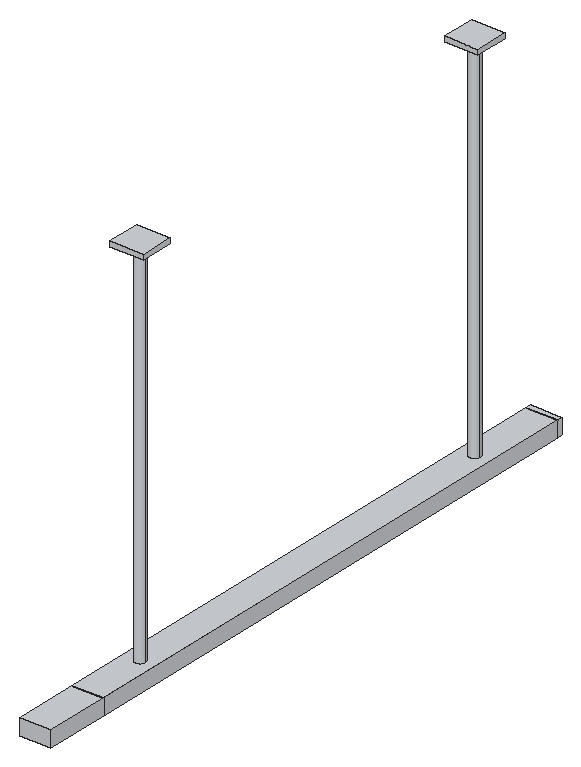
Revit family
Reference planes (in)
  plane 1 "Center (Front/Back)": y = 0
  plane 2: z = 0
  plane 3 "Center (Left/Right)": x = 0
  plane 4: z = -18
  plane 5: z = -18.75
  plane 6: z = -18.06
  plane 7: x = -0.69
  plane 8: x = 0.4
  plane 9: x = -0.4
  plane 10: z = -18.69
  plane 11: z = -18.69
  plane 12: x = 0.69
  plane 13: x = -0.75
  plane 14: x = 0.75
  plane 15: x = -0.8
  plane 16: x = 0.8
  plane 17: z = -0.25
Forms (in)
  Extrusion 1, solid
    sketch origin (0, 0, 0) x (1, 0, 0) y (0, 0, 1)
      loop
        line (-0.4, -18.69) -> (-0.69, -18.69) -> (-0.69, -18.06) -> (0.69, -18.06) -> (0.69, -18.69) -> (0.4, -18.69) -> (0.4, -18.75) -> (0.75, -18.75) -> (0.75, -18) -> (-0.75, -18) -> (-0.75, -18.75) -> (-0.4, -18.75) -> (-0.4, -18.69)
    from -14 to 13.125
  Extrusion 2, solid
    sketch origin (0, 0, 0) x (1, 0, 0) y (0, 0, 1)
      loop
        line (-0.4, -18.69) -> (-0.5178, -18.65331) -> (-0.5178, -18.61662) -> (-0.46101, -18.61662) -> (-0.46101, -18.57118) -> (-0.5746, -18.57118) -> (-0.5746, -18.51763) -> (-0.4, -18.51763) -> (-0.4, -18.45434) -> (-0.5746, -18.45434) -> (-0.5746, -18.3521) -> (-0.4, -18.3521) -> (-0.4, -18.28881) -> (-0.5746, -18.28881) -> (-0.5746, -18.20605) -> (-0.4, -18.20605) -> (-0.4, -18.12978) -> (-0.5746, -18.12978) -> (-0.5746, -18.06) -> (-0.69, -18.06) -> (-0.69, -18.69) -> (-0.4, -18.69)
    from -14 to 13.125
  Extrusion 3, solid
    sketch origin (0, 0, 0) x (-1, 0, 0) y (0, 0, -1)
      loop
        line (-0.4, 18.69) -> (-0.69, 18.69) -> (-0.69, 18.06) -> (-0.5746, 18.06) -> (-0.5746, 18.12978) -> (-0.4, 18.12978) -> (-0.4, 18.20605) -> (-0.5746, 18.20605) -> (-0.5746, 18.28881) -> (-0.4, 18.28881) -> (-0.4, 18.3521) -> (-0.5746, 18.3521) -> (-0.5746, 18.45434) -> (-0.4, 18.45434) -> (-0.4, 18.51763) -> (-0.5746, 18.51763) -> (-0.5746, 18.57118) -> (-0.46101, 18.57118) -> (-0.46101, 18.61662) -> (-0.5178, 18.61662) -> (-0.5178, 18.65331) -> (-0.4, 18.69)
    from -14 to 13.125
  Extrusion 4, solid
    sketch origin (0, 0, 0) x (1, 0, 0) y (0, 1, 0)
      loop
        line (-0.75, -13.125) -> (-0.75, -16.25) -> (0.75, -16.25) -> (0.75, -13.125) -> (-0.75, -13.125)
    from -18.75 to -18
  Extrusion 5, solid
    sketch origin (0, 0, 0) x (1, 0, 0) y (0, 1, 0)
      loop
        line (-0.75, 14.25) -> (-0.75, 14) -> (0.75, 14) -> (0.75, 14.25) -> (-0.75, 14.25)
    from -18.75 to -18
  Extrusion 6, solid
    sketch origin (0, 0, 0) x (1, 0, 0) y (0, 1, 0)
      loop
        circle (0, -10) r 0.25
    from -18 to -0.25
  Extrusion 7, solid
    sketch origin (0, 0, 0) x (1, 0, 0) y (0, 1, 0)
      loop
        circle (0, 10) r 0.25
    from -18 to -0.25
  Extrusion 8, solid
    sketch origin (0, 0, 0) x (1, 0, 0) y (0, 1, 0)
      loop
        line (-0.8, -9.2) -> (-0.8, -10.8) -> (0.8, -10.8) -> (0.8, -9.2) -> (-0.8, -9.2)
    from -0.25 to 0
  Extrusion 9, solid
    sketch origin (0, 0, 0) x (1, 0, 0) y (0, 1, 0)
      loop
        line (-0.8, 9.2) -> (0.8, 9.2) -> (0.8, 10.8) -> (-0.8, 10.8) -> (-0.8, 9.2)
    from -0.25 to 0
Lines and regions (in)
  reference lines
    curve 1: line (-0.5178, 0, -18.69) -> (-0.5178, 0, -18.61662)
    curve 2: line (-0.5178, 0, -18.61662) -> (-0.46101, 0, -18.61662)
    curve 3: line (-0.46101, 0, -18.61662) -> (-0.46101, 0, -18.57118)
    curve 4: line (-0.46101, 0, -18.57118) -> (-0.5746, 0, -18.57118)
    curve 5: line (-0.5746, 0, -18.57118) -> (-0.5746, 0, -18.51763)
    curve 6: line (-0.5746, 0, -18.51763) -> (-0.4, 0, -18.51763)
    curve 7: line (-0.4, 0, -18.51763) -> (-0.4, 0, -18.45434)
    curve 8: line (-0.4, 0, -18.45434) -> (-0.5746, 0, -18.45434)
    curve 9: line (-0.5746, 0, -18.45434) -> (-0.5746, 0, -18.3521)
    curve 10: line (-0.5746, 0, -18.3521) -> (-0.4, 0, -18.3521)
    curve 11: line (-0.4, 0, -18.3521) -> (-0.4, 0, -18.28881)
    curve 12: line (-0.4, 0, -18.28881) -> (-0.5746, 0, -18.28881)
    curve 13: line (-0.5746, 0, -18.28881) -> (-0.5746, 0, -18.20605)
    curve 14: line (-0.5746, 0, -18.20605) -> (-0.4, 0, -18.20605)
    curve 15: line (-0.4, 0, -18.20605) -> (-0.4, 0, -18.12978)
    curve 16: line (-0.4, 0, -18.12978) -> (-0.5746, 0, -18.12978)
    curve 17: line (-0.5746, 0, -18.12978) -> (-0.5746, 0, -18.06)
Dimensions and locks (in)
  aligned: Extrusion 8 to Extrusion 6
